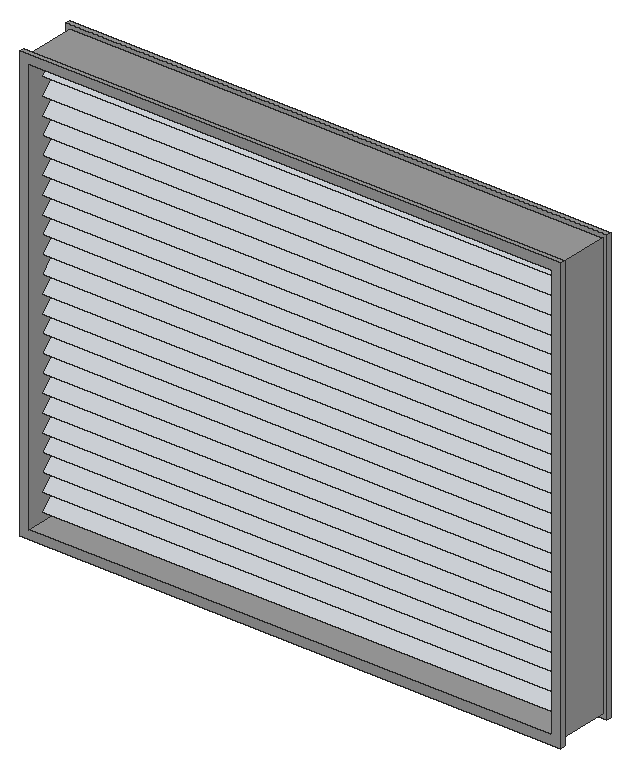
Revit family "Parametric_Louvered_Window_6521", category Окна, Revit 2016
Family settings
  Основа = Стена
  Всегда вертикально = Да
  При загрузке вырезать с полостями = Нет
  Общий = Нет
  Точка расчета площади = Нет
Parameters (values of type "36" x 60"")
  Number of Louvers = (Height / 0' 2") - 1  # 23
  Height = 4' - 0"
  Frame Material = Default
  Default Sill Height = 3' - 0"
  Замыкание стены = По основе
  Ширина = 5' - 0"
  Blade Width = Ширина - 0' 1"  # 4' - 11"
Reference planes (in)
  plane 1 "Center (Front/Back)": y = 0
  plane 2: z = 0
  plane 3 "Center (Left/Right)": x = 0
  plane 4 "Left": x = -30
  plane 5 "Right": x = 30
  plane 6 "Sill": z = 36
  plane 7 "Top": z = 84
Forms (in)
  Sweep 1, solid, material "Default" <- "Frame Material"
    path origin (0, 0, 0) x (1, 0, 0) y (0, 0, 1)
      loop
        line (30, 84) -> (-30, 84) -> (-30, 36) -> (30, 36) -> (30, 84)
    profile origin (0, 0, 84) x (0, 0, -1) y (0, -1, 0)
      loop
        line (0, 3) -> (0, -3) -> (-0.5, -3) -> (-0.5, -3.5) -> (0.5, -3.5) -> (0.5, 3.5) -> (-0.5, 3.5) -> (-0.5, 3) -> (0, 3)
Lines and regions (in)
  Opening 1
    outline origin (-60, -3, 0) x (1, 0, 0) y (0, 0, 1)
      loop
        line (30, 84) -> (30, 36) -> (90, 36) -> (90, 84) -> (30, 84)
Text (in)
  text "EXTERIOR" at (-58.6888, 50.90694, 0), in view "Ref. Level"
  text "INTERIOR" at (-58.6888, -37.76638, 0), in view "Ref. Level"
  text "Exterior" at (0, 43.65631, 123.19604), in view "Left"
  text "Exterior" at (0, 18.29385, 125.04747), in view "Right"
Dimensions and locks (in)
  equal spacing: plane 4 "Left", plane 3 "Center (Left/Right)", plane 5 "Right"
  "Ширина": plane 4 "Left" to plane 5 "Right"
  "Height": plane 6 "Sill" to plane 7 "Top"
  "Default Sill Height": plane 2 to plane 6 "Sill"
  "Blade Width": Sweep 1 to Sweep 1
  equal spacing: group 1, group 2, group 3, group 4, group 5, group 6, group 7, group 8, group 9, group 10, group 11, group 26, group 27, group 28, group 29, group 30, group 31, group 38, group 39, group 40, group 41, group 42, group 43  (x2)
  equal spacing: group 43, group 42, group 41, group 40, group 39, group 38, group 31, group 30, group 29, group 28, group 27, group 26, group 11, group 10, group 9, group 8, group 7, group 6, group 5, group 4, group 3, group 2, group 1
  equal spacing: group 14, group 15, group 16, group 17, group 18, group 19, group 20, group 21, group 22, group 23, group 24, group 32, group 33, group 34, group 35, group 36, group 37, group 44, group 45, group 46, group 47, group 48, group 49  (x2)
  equal spacing: group 49, group 48, group 47, group 46, group 45, group 44, group 37, group 36, group 35, group 34, group 33, group 32, group 24, group 23, group 22, group 21, group 20, group 19, group 18, group 17, group 16, group 15, group 14
  locked: nested 1 to Sweep 1 at 0.37868
  aligned and locked: plane 7 "Top" to Opening 1 sketch curve
  aligned and locked: plane 6 "Sill" to Opening 1 sketch curve  (x2)
  aligned and locked: plane 5 "Right" to Opening 1 sketch curve
  aligned and locked: plane 4 "Left" to Opening 1 sketch curve
  aligned and locked: Sweep 1 sketch curve to host wall  (x4)
Automatic sketch dimensions
  Sweep 1 sketch curve to profile plane = 0' - 0"
  profile plane to Sweep 1 sketch curve = 0' - 0 1/2"  (x2)
  Sweep 1 sketch curve to profile plane = 0' - 0 1/2"
  Sweep 1 sketch curve to plane 1 "Center (Front/Back)" = 0' - 3 1/2"
  Sweep 1 sketch curve to Sweep 1 sketch curve = 0' - 0 1/2"  (x2)
  plane 1 "Center (Front/Back)" to Sweep 1 sketch curve = 0' - 3"
Nested families (in)
  nested 1: "Blade" at (0, 0, 44), type "Blade"
    with Blade Width 4' - 11"
  nested 2: "Blade" at (0, 0, 42), type "Blade"
    with Blade Width 4' - 11"
  nested 3: "Blade" at (0, 0, 40), type "Blade"
    with Blade Width 4' - 11"
  nested 4: "Blade" at (0, 0, 38), type "Blade"
    with Blade Width 4' - 11"
  nested 5: "Blade" at (0, 0, 36), type "Blade"
    with Blade Width 4' - 11"
  nested 6: "Blade" at (0, 0, 34), type "Blade"
    with Blade Width 4' - 11"
  nested 7: "Blade" at (0, 0, 32), type "Blade"
    with Blade Width 4' - 11"
  nested 8: "Blade" at (0, 0, 30), type "Blade"
    with Blade Width 4' - 11"
  nested 9: "Blade" at (0, 0, 28), type "Blade"
    with Blade Width 4' - 11"
  nested 10: "Blade" at (0, 0, 26), type "Blade"
    with Blade Width 4' - 11"
  nested 11: "Blade" at (0, 0, 24), type "Blade"
    with Blade Width 4' - 11"
  nested 12: "Blade" at (0, 0, 32), type "Blade", not visible
    with Blade Width 4' - 11"
  nested 13: "Blade" at (0, 0, 32), type "Blade", not visible
    with Blade Width 4' - 11"
  nested 14: "Blade" at (0, 0, 30), type "Blade", not visible
    with Blade Width 4' - 11"
  nested 15: "Blade" at (0, 0, 28), type "Blade", not visible
    with Blade Width 4' - 11"
  nested 16: "Blade" at (0, 0, 26), type "Blade", not visible
    with Blade Width 4' - 11"
  nested 17: "Blade" at (0, 0, 24), type "Blade", not visible
    with Blade Width 4' - 11"
  nested 18: "Blade" at (0, 0, 22), type "Blade", not visible
    with Blade Width 4' - 11"
  nested 19: "Blade" at (0, 0, 20), type "Blade", not visible
    with Blade Width 4' - 11"
  nested 20: "Blade" at (0, 0, 18), type "Blade", not visible
    with Blade Width 4' - 11"
  nested 21: "Blade" at (0, 0, 16), type "Blade", not visible
    with Blade Width 4' - 11"
  nested 22: "Blade" at (0, 0, 14), type "Blade", not visible
    with Blade Width 4' - 11"
  nested 23: "Blade" at (0, 0, 12), type "Blade", not visible
    with Blade Width 4' - 11"
  nested 24: "Blade" at (0, 0, 22), type "Blade"
    with Blade Width 4' - 11"
  nested 25: "Blade" at (0, 0, 20), type "Blade"
    with Blade Width 4' - 11"
  nested 26: "Blade" at (0, 0, 18), type "Blade"
    with Blade Width 4' - 11"
  nested 27: "Blade" at (0, 0, 16), type "Blade"
    with Blade Width 4' - 11"
  nested 28: "Blade" at (0, 0, 14), type "Blade"
    with Blade Width 4' - 11"
  nested 29: "Blade" at (0, 0, 12), type "Blade"
    with Blade Width 4' - 11"
  nested 30: "Blade" at (0, 0, 10), type "Blade", not visible
    with Blade Width 4' - 11"
  nested 31: "Blade" at (0, 0, 8), type "Blade", not visible
    with Blade Width 4' - 11"
  nested 32: "Blade" at (0, 0, 6), type "Blade", not visible
    with Blade Width 4' - 11"
  nested 33: "Blade" at (0, 0, 4), type "Blade", not visible
    with Blade Width 4' - 11"
  nested 34: "Blade" at (0, 0, 2), type "Blade", not visible
    with Blade Width 4' - 11"
  nested 35: "Blade" at (0, 0, 0), type "Blade", not visible
    with Blade Width 4' - 11"
  nested 36: "Blade" at (0, 0, 10), type "Blade"
    with Blade Width 4' - 11"
  nested 37: "Blade" at (0, 0, 8), type "Blade"
    with Blade Width 4' - 11"
  nested 38: "Blade" at (0, 0, 6), type "Blade"
    with Blade Width 4' - 11"
  nested 39: "Blade" at (0, 0, 4), type "Blade"
    with Blade Width 4' - 11"
  nested 40: "Blade" at (0, 0, 2), type "Blade"
    with Blade Width 4' - 11"
  nested 41: "Blade" at (0, 0, 0), type "Blade"
    with Blade Width 4' - 11"
  nested 42: "Blade" at (0, 0, -2), type "Blade", not visible
    with Blade Width 4' - 11"
  nested 43: "Blade" at (0, 0, -4), type "Blade", not visible
    with Blade Width 4' - 11"
  nested 44: "Blade" at (0, 0, -6), type "Blade", not visible
    with Blade Width 4' - 11"
  nested 45: "Blade" at (0, 0, -8), type "Blade", not visible
    with Blade Width 4' - 11"
  nested 46: "Blade" at (0, 0, -10), type "Blade", not visible
    with Blade Width 4' - 11"
  nested 47: "Blade" at (0, 0, -12), type "Blade", not visible
    with Blade Width 4' - 11"
Definition of nested family "Blade"
  Parameters
    Blade Width = 0' - 11 1/2"
    Blade Material = none
  Reference planes (in)
    plane 1 "Center (Front/Back)": y = 0
    plane 2: z = 0
    plane 3 "Center (Left/Right)": x = 0
  Forms (in)
    Extrusion 1, solid, material <- "Blade Material"
      sketch origin (-6.25, 0, 0.12132) x (0, 1, 0) y (0, 0, 1)
        loop
          line (0, 39) -> (-1.62132, 37.37868) -> (-1.37132, 37.37868) -> (0, 38.75) -> (1.37132, 37.37868) -> (1.62132, 37.37868) -> (0, 39)
      from 0.5 to 12
  Dimensions and locks (in)
    equal spacing: Extrusion 1, plane 3 "Center (Left/Right)", Extrusion 1
    "Blade Width": Extrusion 1 to Extrusion 1
  Automatic sketch dimensions
    Extrusion 1 sketch curve to plane 1 "Center (Front/Back)" = 0' - 0"  (x2)
    plane 1 "Center (Front/Back)" to Extrusion 1 sketch curve = 0' - 1.37132"
    Extrusion 1 sketch curve to Extrusion 1 sketch curve = 0' - 0 1/4"  (x2)
    Extrusion 1 sketch curve to plane 1 "Center (Front/Back)" = 0' - 1.37132"
    level to Extrusion 1 sketch curve = 3' - 1 1/2"
    Extrusion 1 sketch curve to Extrusion 1 sketch curve = 0' - 0"
